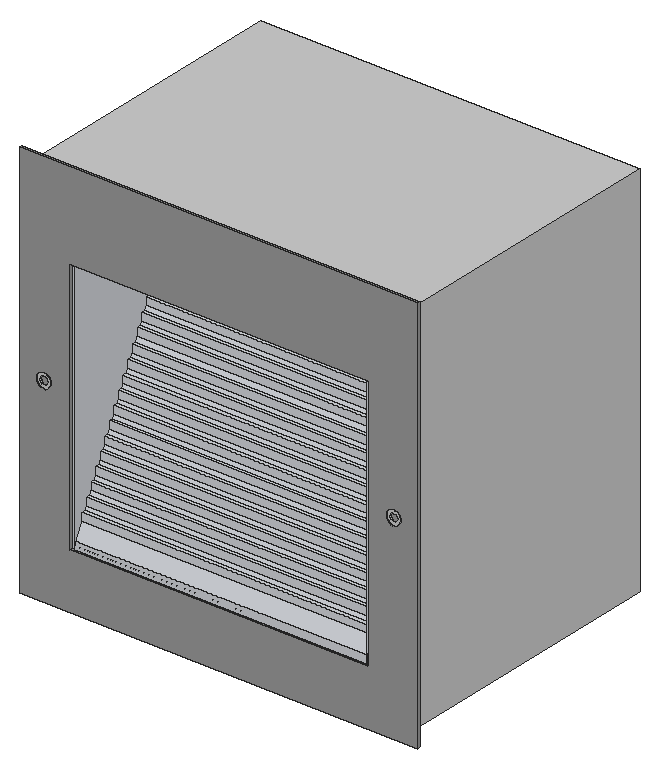
Revit family "WALL LIGHT 04_LK1807CW", category Luminarias, Revit 2019
Family settings
  Cota de conector redondo = Diámetro de uso
  Tipo de pieza = Normal
  Se basa en plano de trabajo = Sí
  Siempre vertical = No
  Corte con vacíos al cargar = No
  Origen de luz = Sí
  Compartido = No
  Punto de cálculo de habitación = No
Parameters (values of type "WALL LIGHT 04_LK1807CW")
  Ángulo de inclinación = 60.00°
  Zone [instance] = ""
  Watt per fixture = 3.6
  Wattage = 3.6 W
  built-in parameter 1150107 = 6000 (stored number, unit not read)
  built-in parameter 1150110 = 1 (stored number, unit not read)
  built-in parameter 1150109 = 1 (stored number, unit not read)
  built-in parameter 1150112 = 1 (stored number, unit not read)
  built-in parameter 1150113 = 1 (stored number, unit not read)
  built-in parameter 1114218 = 1 (stored number, unit not read)
  Keynote = ""
  built-in parameter 1150137 = (empty or 0)
  built-in parameter 1150132 = (empty or 0)
  Modelo = "LK1807CW"
  Lámpara = "SMD 3020"
  Longitud [instance] = 1000 mm
  built-in parameter 1150105 = 4.6925 (stored number, unit not read)
  built-in parameter 1150102 = (empty or 0)
  built-in parameter 1150106 = 0.046925 (stored number, unit not read)
  Lumens = 58.968 lm
  Color Filter = 16777215
  built-in parameter 1114217 = 1 (stored number, unit not read)
  built-in parameter 1150139 = (empty or 0)
  Fabricante = "BRILLANT"
  Default Elevation = 0 mm
  built-in parameter 1150104 = 1.5218 (stored number, unit not read)
  Descripción = "LUMINARIA TIPO RECTANGULAR PARA EMPOTRAR EN MURO CON CUERPO DE ALUMINIO FUNDIDO A PRESION CUBIERTO CON POLVO GRIS OSCURO, IP 65 USO PARA INTERIORES O EXTERIORES CON CUERPO DE 2.7KG, CUENTA CON 18 LED TIPO SMD3020 CON UNA POTENCIA TOTAL DE 3.6W, A UNA TEMPERATURA EN BLANCO FRIO 6000K CON 59 LUMENES, EFICIENCIA DE 16.38LM/W, IRC 80, IK10,  APERTURA A 120 GRADOS EN STOCK, 26mA EN CORRIENTE DE OPERACIÓN, ALIMENTADA A 100-240V."
  built-in parameter 1150115 = 1 (stored number, unit not read)
  built-in parameter 1150114 = 1 (stored number, unit not read)
  Comentarios de vataje = "100-240V"
  built-in parameter 1150138 = (empty or 0)
  built-in parameter 1150134 = 5
  Circuit [instance] = ""
  Dimming Lamp Color Temperature Shift = (empty or 0)
  Archivo de red fotométrica = "LK1807CW.IES"
  built-in parameter 1150133 = 10 (stored number, unit not read)
Reference planes
  plane 1 "Centro (Frontal/Posterior)": y = 0
  plane 2: z = 0
  plane 3 "Centro (Izquierda/Derecha)": x = 0
Forms (mm)
  Extrusion 1, solid, material "Acabado Blanco"
    sketch origin (0, 0, 0) x (1, 0, 0) y (0, 0, 1)
      loop
        line (-79.79, 160) -> (-79.79, 0) -> (79.79, 0) -> (79.79, 160) -> (-79.79, 160)
      loop
        line (-60, 125) -> (-60, 22.305) -> (60, 22.305) -> (60, 125) -> (-60, 125)
    from -1.076 to 0
  Extrusion 2, solid, material "Acero Inoxidable"
    sketch origin (0, 0, 0) x (1, 0, 0) y (0, 0, 1)
      loop
        line (-76, 156) -> (-76, 4) -> (76, 4) -> (76, 156) -> (-76, 156)
      loop
        line (-74.8, 154.8) -> (-74.8, 5.2) -> (74.8, 5.2) -> (74.8, 154.8) -> (-74.8, 154.8)
    from -113.019 to -1.076
  Extrusion 3, solid, material "Acero Inoxidable"
    sketch origin (0, 0, 0) x (1, 0, 0) y (0, 0, 1)
      loop
        line (-76, 156) -> (-76, 4) -> (76, 4) -> (76, 156) -> (-76, 156)
    from -115.839 to -113.019
  Extrusion 4, void
    sketch origin (0, 0, 0) x (1, 0, 0) y (0, 0, 1)
      loop
        circle (-66.764, 77.896) r 5
      loop
        circle (67.47, 17.948) r 5
    from -115.839 to -113.019
  Extrusion 5, solid
    sketch origin (-5.531, 0, 17.605) x (0, 0, 1) y (0, -1, 0)
      loop
        line (97.076, -48.145) -> (118.595, -48.145) -> (118.595, -1.076) -> (117.095, -1.076) -> (117.095, -46.645) -> (97.436, -46.645) -> (93.704, -44.743) -> (93.704, -43.158) -> (90.592, -43.158) -> (89.213, -42.455) -> (89.213, -40.87) -> (86.102, -40.87) -> (84.723, -40.167) -> (84.723, -38.582) -> (81.611, -38.582) -> (80.232, -37.879) -> (80.232, -36.294) -> (77.121, -36.294) -> (75.742, -35.591) -> (75.742, -34.006) -> (72.631, -34.006) -> (71.252, -33.303) -> (71.252, -31.718) -> (68.14, -31.718) -> (66.341, -30.801) -> (66.341, -29.216) -> (63.23, -29.216) -> (61.851, -28.513) -> (61.851, -26.928) -> (58.739, -26.928) -> (57.36, -26.225) -> (57.36, -24.64) -> (54.249, -24.64) -> (52.87, -23.937) -> (52.87, -22.352) -> (49.758, -22.352) -> (48.379, -21.649) -> (48.379, -20.064) -> (45.268, -20.064) -> (43.889, -19.361) -> (43.889, -17.776) -> (40.778, -17.776) -> (39.399, -17.073) -> (39.399, -15.488) -> (36.287, -15.488) -> (34.908, -14.785) -> (34.908, -13.2) -> (31.797, -13.2) -> (30.418, -12.497) -> (30.418, -10.912) -> (27.306, -10.912) -> (25.927, -10.209) -> (25.927, -8.624) -> (22.816, -8.624) -> (21.437, -7.921) -> (21.437, -6.336) -> (18.325, -6.336) -> (16.947, -5.633) -> (16.947, -4.048) -> (13.835, -4.048) -> (8.003, -1.076) -> (4.699, -1.076) -> (97.076, -48.145)
    from -52.969 to 64.031
  Extrusion 6, solid
    sketch origin (0, 0, 0) x (1, 0, 0) y (0, 0, 1)
      loop
        line (-60, 137.7) -> (-60, 22.305) -> (60, 22.305) -> (60, 137.7) -> (-60, 137.7)
      loop
        line (-58.5, 23.805) -> (58.5, 23.805) -> (58.5, 136.2) -> (-58.5, 136.2) -> (-58.5, 23.805)
    from -1.076 to -48.145
  Extrusion 7, void
    sketch origin (0, 0, 0) x (1, 0, 0) y (0, 0, 1)
      loop
        circle (-70.147, 79.462) r 3.001
      loop
        circle (70.147, 79.462) r 3.001
    from -0.64 to 0
  Extrusion 8, solid, material "Acero Inoxidable"
    sketch origin (0, 0, 0) x (1, 0, 0) y (0, 0, 1)
      loop
        line (-71.064, 81.051) -> (-71.981, 79.462) -> (-71.064, 77.874) -> (-69.23, 77.874) -> (-68.312, 79.462) -> (-69.23, 81.051) -> (-71.064, 81.051)
      loop
        circle (-70.147, 79.462) r 2.697
      loop
        line (71.064, 81.051) -> (69.23, 81.051) -> (68.312, 79.462) -> (69.23, 77.874) -> (71.064, 77.874) -> (71.981, 79.462) -> (71.064, 81.051)
      loop
        circle (70.147, 79.462) r 2.697
    from -0.582 to 0
  Extrusion 9, solid
    sketch origin (0, 0, 0) x (0, 1, 0) y (0, 0, 1)
      loop
        line (26.076, 154.8) -> (13.576, 154.8) -> (13.576, 142.3) -> (14.776, 142.3) -> (14.776, 153.6) -> (26.076, 153.6) -> (26.076, 154.8)
      loop
        line (26.076, 5.2) -> (26.076, 6.4) -> (14.776, 6.4) -> (14.776, 17.7) -> (13.576, 17.7) -> (13.576, 5.2) -> (26.076, 5.2)
    from -15 to 15
  Extrusion 10, solid
    sketch origin (0, 0, 0) x (1, 0, 0) y (0, 1, 0)
      loop
        line (74.8, 16.548) -> (73.6, 16.548) -> (73.6, 5.248) -> (62.3, 5.248) -> (62.3, 4.048) -> (74.8, 4.048) -> (74.8, 16.548)
      loop
        line (-74.8, 16.548) -> (-74.8, 4.048) -> (-62.3, 4.048) -> (-62.3, 5.248) -> (-73.6, 5.248) -> (-73.6, 16.548) -> (-74.8, 16.548)
    from 64 to 94
Cuts and joins
  Extrusion 4, Extrusion 7 cuts Extrusion 1
  Extrusion 4 cuts Extrusion 3
  joined: Extrusion 2, Extrusion 3
Dimensions and locks
  plane 1 "Centro (Frontal/Posterior)" to Extrusion 2 = 113.019 mm
  cut or joined group of Extrusion 1, Extrusion 4, Extrusion 7 to cut or joined group of Extrusion 1, Extrusion 4, Extrusion 7 = 160 mm  (x2)
  cut or joined group of Extrusion 1, Extrusion 4, Extrusion 7 to cut or joined group of Extrusion 2, Extrusion 3, Extrusion 4 = 115.839 mm
  cut or joined group of Extrusion 1, Extrusion 4, Extrusion 7 to level = 125 mm
  level to cut or joined group of Extrusion 1, Extrusion 4, Extrusion 7 = 125 mm
  cut or joined group of Extrusion 1, Extrusion 4, Extrusion 7 to cut or joined group of Extrusion 1, Extrusion 4, Extrusion 7 = 120 mm
  cut or joined group of Extrusion 2, Extrusion 3, Extrusion 4 to cut or joined group of Extrusion 1, Extrusion 4, Extrusion 7 = 115.839 mm  (x2)
  Extrusion 10 to level = 64 mm
  Extrusion 10 to Extrusion 10 = 30 mm
  aligned and locked: level to plane 2
  aligned and locked: Extrusion 2 to Extrusion 3
  aligned and locked: Extrusion 3 to Extrusion 4
  aligned and locked: Extrusion 4 to Extrusion 2
Connectors
  electrical at (67.47, 115.839, 17.948)
    settings: on cut or joined group of Extrusion 2, Extrusion 3, Extrusion 4, index 1, voltage 240 V, apparent load 0 VA, apparent load phase1 0 VA, apparent load phase2 0 VA, apparent load phase3 0 VA, power factor 1, load classification "Otro", number of poles 1, system type 31, power factor state 1, is connector primary yes, connector utility no, sub classification motor no, connector description ""
